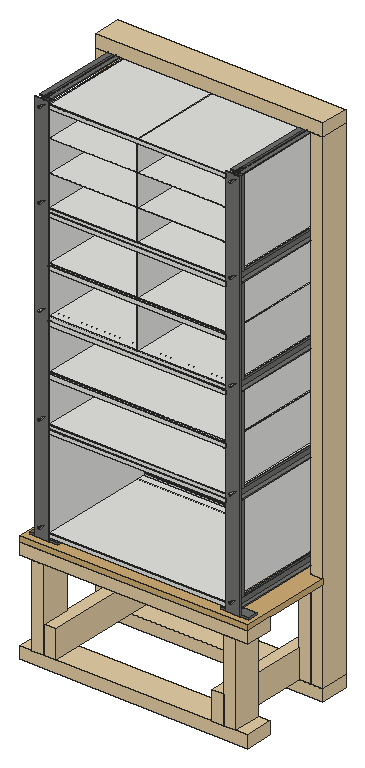
Revit family "Mailboxes_Aluminum-Data_Distribution_System-Salsbury_Industries-4_Unit_High_Wall_Installation", category Specialty Equipment, host Wall, Revit 2016 (continued)
Definition of nested family "Data Distribution Mailbox Units"
  Types (5): name | Void 2 Offset | Void 1 Offset | Visible | Top Inner Divider | Rear Overhang | Model | Horizontal Dividers 1 and 3 | Horizontal Dividers | Door Location D8 | Door Location D7 | Door Location D6 | Door Location D5 | Door Location D4 | Door Location D3 | Door Location D2 | Door Location D1 | Divider 3 | Description
    None | 0.000" | 0.000" | no | no | no | "No Unit" | no | no | Data Distribution #1,2,3 Doors : #3 Door | Data Distribution #1,2,3 Doors : None | Data Distribution #1,2,3 Doors : #3 Door | Data Distribution #1,2,3 Doors : None | Data Distribution #1,2,3 Doors : None | Data Distribution #1,2,3 Doors : None | Data Distribution #1,2,3 Doors : None | Data Distribution #1,2,3 Doors : None | no | "Data Distribution System"
    2401 | 6.200" | 6.200" | yes | yes | yes | "2401" | no | no | Data Distribution #1,2,3 Doors : None | Data Distribution #1,2,3 Doors : None | Data Distribution #4 Door : #4 Door | Data Distribution #1,2,3 Doors : None | Data Distribution #1,2,3 Doors : None | Data Distribution #1,2,3 Doors : None | Data Distribution #1,2,3 Doors : None | Data Distribution #1,2,3 Doors : None | no | "Data Distribution System - (1) #4 Door"
    2406 | 6.200" | 6.200" | yes | no | yes | "2406" | yes | no | Data Distribution #1,2,3 Doors : None | Data Distribution #1,2,3 Doors : None | Data Distribution #1,2,3 Doors : #1 Door | Data Distribution #1,2,3 Doors : #1 Door | Data Distribution #1,2,3 Doors : #1 Door | Data Distribution #1,2,3 Doors : #1 Door | Data Distribution #1,2,3 Doors : #1 Door | Data Distribution #1,2,3 Doors : #1 Door | yes | "Data Distribution System - (6) #1 Doors"
  Reference planes (in)
    plane 1 "Center (Front/Back)": y = 0
    plane 2 "Bottom": z = 0
    plane 3 "Center (Left/Right)": x = 0
    plane 4 "Left": x = -11.625
    plane 5 "Right": x = 11.625
    plane 6 "Front": y = -7.75
    plane 7 "Back": y = 7.75
    plane 8 "Vertical Center": z = 6.094
    plane 9 "Top": z = 12.188
    plane 10: y = -7.625
    plane 11 "Door Align-Back of Door": y = -7.09375
    plane 12 "Back Edge of Top Trim": y = -6.21875
    plane 13 "Front Edge of Side Panels": y = -6.8125
    plane 14 "Back Edge of Side Panels": y = 7.625
    plane 15: y = -7.563
    plane 16: y = -7.063
    plane 17 "Back Edge of Bottom Trim": y = -6.1255
    plane 18: z = 0.125
    plane 19: z = 0.0625
    plane 20 "Bottom Trim Height": z = 0.25
    plane 21 "Top Trim Height": z = 11.8755
    plane 22: z = 12.03175
    plane 23: z = 12.063
    plane 24 "Right Side Trim Alignment-Top and Bottom Trim": x = 11.25
    plane 25 "Inner Right Side of Trim": x = 11.09375
    plane 26 "Right Wall of Enclsosure": x = 11.0625
    plane 27: y = -7.5
    plane 28: y = -7.375
    plane 29 "Back Edge of Side Trim": y = -6.3125
    plane 30 "Left Side Trim Alignment-Top and Bottom Trim": x = -11.25
    plane 31 "Trop Trim Extrusion Line": y = -7.53125
    plane 32 "Left Wall of Enclosure": x = -11.0935
    plane 33 "Top Inner Trim": z = 11.7505
    plane 34: z = -0.249
    plane 35: z = 0
    plane 36: x = -11.59375
    plane 37: x = 11.625
    plane 38 "Door Divider 3": x = 0.0005
    plane 39 "Void 1": z = 6.063
    plane 40 "Void 2 Offset": y = 13.825
    plane 41 "Bottom Compartment Section-Top Plate": z = 5.907
    plane 42 "Door Divider Offset Align": x = 11.09375
    plane 43 "Void 1 Offset": z = -0.137
    plane 44 "Void 2": y = 7.625
    plane 45 "Row 2 Divider": z = 6.188
    plane 46 "Vertical Center of Back Enclosure": z = 6.063
    plane 47 "Door Align - Row 3": z = 0.5
    plane 48 "Door Align - Row 2a": z = 6.438
    plane 49 "Vertical Door Align 6": x = 11.0625
    plane 50 "OffSet Divider Line": x = -11.0935
    plane 51 "Back of Doors": y = -7.2495
    plane 52 "Row 3 Divider": z = 4.188
    plane 53 "Door Align - Row 2": z = 4.438
    plane 54 "Row 1 Divider": z = 8.126
    plane 55 "Door Align - Row 1": z = 8.376
    plane 56: z = 11.84425
    plane 57: x = -0.03125
    plane 58: y = 7.5625
    plane 59: y = 6.6875
    plane 60: y = 6.625
    plane 61: z = 0.1875
    plane 62: z = 0.0625
    plane 63: z = 11.84425
    plane 64: z = 11.81325
    plane 65: z = 11.41742
    plane 66: z = 11.38642
    plane 67: y = 7.656
    plane 68: y = 7.719
    plane 69: y = 7.594
    plane 70: x = 11.406
    plane 71: x = -11.3745
    plane 72: z = 11.6255
    plane 73: x = -11.06225
    plane 74: z = 7.876
    plane 75: z = 5.68825
    plane 76: z = 5.93825
    plane 77: z = 6.12525
    plane 78: z = 3.938
    plane 79: y = 7.719
    plane 80: y = 7.656
    plane 81: z = 5.876
    plane 82: z = 5.469
    plane 83: z = 5.438
    plane 84: z = 11.84425
    plane 85: z = 0.28125
    plane 86: x = 0.031
    plane 87: z = 8.095
    plane 88: z = 4.157
    plane 89: z = 5.907
    plane 90: z = 6.219
    plane 91: z = 5.938
    plane 92: y = 6.625
    plane 93: x = 11.03125
  Forms (in)
    Extrusion 1, solid, material <- "Trim Material", visible <- "Visible"
      sketch origin (0, 0, 0) x (0, 1, 0) y (0, 0, 1)
        loop
          line (-7.75, 11.8755) -> (-6.21875, 11.8755) -> (-6.21875, 12.03175) -> (-7.09375, 12.03175) -> (-7.09375, 12.063) -> (-7.625, 12.063) -> (-7.625, 12.188) -> (-7.75, 12.188) -> (-7.75, 11.8755)
      from -11.25 to 11.25
    Extrusion 2, solid, material <- "Trim Material", visible <- "Visible"
      sketch origin (0, 0, 0) x (0, 1, 0) y (0, 0, 1)
        loop
          line (-6.1255, 0.25) -> (-7.75, 0.25) -> (-7.75, 0.125) -> (-7.563, 0.125) -> (-7.563, 0) -> (-7.063, 0) -> (-7.063, 0.0625) -> (-6.1255, 0.0625) -> (-6.1255, 0.25)
      from -11.625 to 11.625
    Extrusion 3, solid, material <- "Trim Material", visible <- "Visible"
      sketch origin (0, 0, 6.094) x (0, -1, 0) y (1, 0, 0)
        loop
          line (7.5, 11.625) -> (7.375, 11.625) -> (7.375, 11.25) -> (6.3125, 11.25) -> (6.3125, 11.09375) -> (7.75, 11.09375) -> (7.75, 11.25) -> (7.5, 11.25) -> (7.5, 11.625)
      from -5.844 to 5.7815
    Extrusion 4, void
      sketch origin (0, 0, 0) x (1, 0, 0) y (0, 1, 0)
        loop
          line (11.625, -7.75) -> (11.625, -7.5) -> (11.25, -7.5) -> (11.25, -7.75) -> (11.625, -7.75)
      from 0 to 0.25
    Extrusion 5, solid, material <- "Trim Material", visible <- "Visible"
      sketch origin (0, 0, 6.094) x (0, -1, 0) y (1, 0, 0)
        loop
          line (7.5, -11.625) -> (7.5, -11.25) -> (7.75, -11.25) -> (7.75, -11.0935) -> (6.3125, -11.0935) -> (6.3125, -11.25) -> (7.375, -11.25) -> (7.375, -11.625) -> (7.5, -11.625)
      from -5.844 to 5.7815
    Extrusion 6, void
      sketch origin (0, 0, 0) x (-1, 0, 0) y (0, -1, 0)
        loop
          line (11.625, 7.75) -> (11.25, 7.75) -> (11.25, 7.5) -> (11.625, 7.5) -> (11.625, 7.75)
      from 0 to 0.25
    Extrusion 7, void
      sketch origin (0, 0, 0) x (0, 1, 0) y (0, 0, 1)
        loop
          line (-7.75, 11.8755) -> (-7.53125, 11.8755) -> (-7.53125, 12.03175) -> (-7.75, 12.03175) -> (-7.75, 11.8755)
      from -11.0935 to 11.09375
    Sweep 8, solid, material <- "Back Enclosure Material", visible <- "Visible"
      path origin (0, 0, 0) x (1, 0, 0) y (0, 0, 1)
        loop
          line (-11.0935, 11.8755) -> (-11.0935, 0.25) -> (11.0625, 0.25) -> (11.0625, 11.8755) -> (-11.0935, 11.8755)
      profile origin (-0.0155, 0, 11.8755) x (0, 0, 1) y (0, -1, 0)
        loop
          line (0, 7.09375) -> (-0.03125, 7.09375) -> (-0.03125, -7.625) -> (0, -7.625) -> (0, 7.09375)
    Extrusion 9, solid, material <- "Back Enclosure Material", visible <- "Rear Overhang"
      sketch origin (0, 0, 0) x (0, 1, 0) y (0, 0, 1)
        loop
          line (7.625, 11.8755) -> (7.625, 11.84425) -> (7.719, 11.84425) -> (7.719, 11.41742) -> (7.656, 11.41742) -> (7.656, 11.81325) -> (7.625, 11.81325) -> (7.625, 11.38642) -> (7.75, 11.38642) -> (7.75, 11.8755) -> (7.625, 11.8755)
      from -11.0935 to 11.03125
    Extrusion 10, solid, material <- "Back Enclosure Material", visible <- "Visible"
      sketch origin (0, 0, 0) x (0, 1, 0) y (0, 0, 1)
        loop
          line (7.625, 0.25) -> (6.625, 0.25) -> (6.625, 0.0625) -> (6.6875, 0.0625) -> (6.6875, 0.1875) -> (7.5625, 0.1875) -> (7.5625, -0.249) -> (7.625, -0.249) -> (7.625, 0.25)
      from -11.59375 to 11.625
    Extrusion 11, void
      sketch origin (0, 0, -0.137) x (0, -1, 0) y (1, 0, 0)
        loop
          line (-7.625, -11.0935) -> (7.563, -11.0935) -> (7.563, 11.09375) -> (-7.625, 11.09375) -> (-7.625, -11.0935)
      from -0.125 to 0.125
    Extrusion 12, void
      sketch origin (0, 13.825, 0) x (0, 0, -1) y (1, 0, 0)
        loop
          line (-6.438, 11.406) -> (-6.438, 11.0625) -> (-5.907, 11.0625) -> (-5.907, 11.406) -> (-6.438, 11.406)
        loop
          line (-6.438, -11.0935) -> (-6.438, -11.375) -> (-5.907, -11.375) -> (-5.907, -11.0935) -> (-6.438, -11.0935)
      from 0 to 0.031
    Extrusion 13, solid, material <- "Back Enclosure Material", visible <- "Horizontal Dividers"
      sketch origin (0, 0, -5.8595) x (0, 1, 0) y (0, 0, 1)
        loop
          line (7.625, 11.79775) -> (7.625, 12.0475) -> (7.594, 12.0475) -> (7.594, 11.7665) -> (7.719, 11.7665) -> (7.719, 11.3285) -> (7.656, 11.3285) -> (7.656, 11.7355) -> (7.625, 11.7355) -> (7.625, 11.2975) -> (7.75, 11.2975) -> (7.75, 11.79775) -> (7.625, 11.79775)
      from -11.0935 to 11.03125
    Extrusion 14, solid, material <- "Back Enclosure Material", visible <- "Horizontal Dividers"
      sketch origin (0, 0, 5.907) x (1, 0, 0) y (0, 1, 0)
        loop
          line (-11.06225, 7.625) -> (-11.06225, -7.09375) -> (11.09375, -7.09375) -> (11.09375, 7.625) -> (-11.06225, 7.625)
      from 0 to 0.031
    Extrusion 15, solid, material <- "Back Enclosure Material", visible <- "Horizontal Dividers"
      sketch origin (0, 0, 6.219) x (1, 0, 0) y (0, 1, 0)
        loop
          line (-11.06225, 7.625) -> (-11.06225, -7.09375) -> (11.03125, -7.09375) -> (11.03125, 7.625) -> (-11.06225, 7.625)
      from 0 to -0.031
    Extrusion 16, solid, material <- "Trim Material", visible <- "Horizontal Dividers"
      sketch origin (0, 0, 0) x (0, 1, 0) y (0, 0, 1)
        loop
          line (-6.3125, 5.93825) -> (-6.3125, 6.188) -> (-7.75, 6.188) -> (-7.75, 6.12525) -> (-7.53125, 6.12525) -> (-7.53125, 5.93825) -> (-6.3125, 5.93825)
      from -11.0935 to 11.09375
    Extrusion 17, solid, material <- "Back Enclosure Material", visible <- "Divider 3"
      sketch origin (0.0005, 0, 0) x (0, 0, -1) y (0, -1, 0)
        loop
          line (-11.84425, 7.09375) -> (-11.84425, -7.625) -> (-0.28125, -7.625) -> (-0.28125, 7.09375) -> (-11.84425, 7.09375)
      from 0.03175 to -0.0305
    Extrusion 18, solid, material <- "Back Enclosure Material", visible <- "Visible"
      sketch origin (11.09375, 0, 0) x (0, -1, 0) y (0, 0, 1)
        loop
          line (-7.594, 11.8755) -> (-7.625, 11.8755) -> (-7.625, 0.25) -> (-7.594, 0.25) -> (-7.594, 11.8755)
      from -0.31225 to 0.03125
    Extrusion 19, solid, visible <- "Visible"
      sketch origin (-11.0935, 0, 0) x (0, 0, -1) y (0, -1, 0)
        loop
          line (-11.8755, -7.594) -> (-11.8755, -7.625) -> (-0.25, -7.625) -> (-0.25, -7.594) -> (-11.8755, -7.594)
      from 0.281 to 0
    Extrusion 20, solid, material <- "Front Panel Material", visible <- "Visible"
      sketch origin (0, 0, 0.25) x (0, -1, 0) y (1, 0, 0)
        loop
          line (7.09375, -11.0935) -> (7.75, -11.0935) -> (7.75, 11.09375) -> (7.09375, 11.09375) -> (7.09375, -11.0935)
      from 0 to 0.25
    Extrusion 21, solid, material <- "Front Panel Material", visible <- "Horizontal Dividers"
      sketch origin (0, 0, 6.188) x (0, -1, 0) y (1, 0, 0)
        loop
          line (7.09375, -11.0935) -> (7.75, -11.0935) -> (7.75, 11.09375) -> (7.09375, 11.09375) -> (7.09375, -11.0935)
      from 0 to 0.25
    Extrusion 22, solid, material <- "Front Panel Material", visible <- "Visible"
      sketch origin (0, -7.09375, 0.03125) x (0, 0, -1) y (1, 0, 0)
        loop
          line (-11.84425, -11.06225) -> (-11.59425, -11.06225) -> (-11.59425, 11.0625) -> (-11.84425, 11.0625) -> (-11.84425, -11.06225)
      from 0 to 0.15575
    Extrusion 23, solid, material <- "Front Panel Material", visible <- "Horizontal Dividers"
      sketch origin (0, -7.09375, -5.906) x (0, 0, -1) y (1, 0, 0)
        loop
          line (-11.84425, -11.06225) -> (-11.59425, -11.06225) -> (-11.59425, 11.0625) -> (-11.84425, 11.0625) -> (-11.84425, -11.06225)
      from 0 to 0.15575
    Extrusion 24, solid, material <- "Front Panel Material", visible <- "Top Inner Divider"
      sketch origin (0, 0, 11.7505) x (1, 0, 0) y (0, 1, 0)
        loop
          line (-11.0935, -7.09375) -> (-11.0935, -7.75) -> (11.09375, -7.75) -> (11.09375, -7.09375) -> (-11.0935, -7.09375)
      from 0.28125 to 0.125
    Extrusion 25, solid, material <- "Front Panel Material", visible <- "Horizontal Dividers 1 and 3"
      sketch origin (0, 0, 4.188) x (0, -1, 0) y (1, 0, 0)
        loop
          line (7.09375, -11.0935) -> (7.75, -11.0935) -> (7.75, 11.09375) -> (7.09375, 11.09375) -> (7.09375, -11.0935)
      from 0.25 to 0
    Extrusion 26, solid, material <- "Front Panel Material", visible <- "Horizontal Dividers 1 and 3"
      sketch origin (0, -7.09375, -7.65625) x (0, 0, -1) y (1, 0, 0)
        loop
          line (-11.84425, -11.06225) -> (-11.59425, -11.06225) -> (-11.59425, 11.0625) -> (-11.84425, 11.0625) -> (-11.84425, -11.06225)
      from 0 to 0.15575
    Extrusion 27, solid, material <- "Front Panel Material", visible <- "Horizontal Dividers 1 and 3"
      sketch origin (0, -7.09375, -3.71825) x (0, 0, -1) y (1, 0, 0)
        loop
          line (-11.84425, -11.06225) -> (-11.59425, -11.06225) -> (-11.59425, 11.0625) -> (-11.84425, 11.0625) -> (-11.84425, -11.06225)
      from 0 to 0.15575
    Extrusion 28, solid, material <- "Front Panel Material", visible <- "Horizontal Dividers 1 and 3"
      sketch origin (0, 0, 8.126) x (0, -1, 0) y (1, 0, 0)
        loop
          line (7.09375, -11.0935) -> (7.75, -11.0935) -> (7.75, 11.09375) -> (7.09375, 11.09375) -> (7.09375, -11.0935)
      from 0.25 to 0
    Extrusion 29, solid, material <- "Back Enclosure Material", visible <- "Horizontal Dividers 1 and 3"
      sketch origin (0, 0, 8.126) x (0, -1, 0) y (1, 0, 0)
        loop
          line (-7.625, -11.06225) -> (7.09375, -11.06225) -> (7.09375, 11.03125) -> (-7.625, 11.03125) -> (-7.625, -11.06225)
      from 0 to -0.031
    Extrusion 30, solid, material <- "Back Enclosure Material", visible <- "Horizontal Dividers 1 and 3"
      sketch origin (0, 0, 4.188) x (0, -1, 0) y (1, 0, 0)
        loop
          line (-7.625, -11.06225) -> (7.09375, -11.06225) -> (7.09375, 11.03125) -> (-7.625, 11.03125) -> (-7.625, -11.06225)
      from 0 to -0.031
  Cuts and joins
    Extrusion 4, Extrusion 7 cuts Extrusion 1
    Extrusion 4, Extrusion 6 cuts Extrusion 2
    Extrusion 4, Extrusion 7 cuts Extrusion 3
    Extrusion 11, Extrusion 12 cuts Sweep 8
    Extrusion 11 cuts Extrusion 17
    Extrusion 12 cuts Extrusion 18
    Extrusion 12 cuts Extrusion 19
  Lines and regions (in)
    symbolic lines
      curve 1: line (-11.25, -7.2495, 12.188) -> (11.25, -7.2495, 12.188)
      curve 2: line (-11.25, -7.2495, 11.8755) -> (-11.25, -7.2495, 12.188)
      curve 3: line (11.25, -7.2495, 11.8755) -> (-11.25, -7.2495, 11.8755)
      curve 4: line (11.25, -7.2495, 12.188) -> (11.25, -7.2495, 11.8755)
      curve 5: line (-11.625, -7.2495, 11.8755) -> (-11.25, -7.2495, 11.8755)
      curve 6: line (-11.625, -7.2495, 0) -> (-11.625, -7.2495, 11.8755)
      curve 7: line (-11.0935, -7.2495, 0) -> (-11.625, -7.2495, 0)
      curve 8: line (-11.0935, -7.2495, 11.8755) -> (-11.0935, -7.2495, 0)
      curve 9: line (11.25, -7.2495, 11.8755) -> (11.625, -7.2495, 11.8755)
      curve 10: line (11.09375, -7.2495, 0.25) -> (11.09375, -7.2495, 11.8755)
      curve 11: line (11.625, -7.2495, 0.25) -> (11.09375, -7.2495, 0.25)
      curve 12: line (11.625, -7.2495, 11.8755) -> (11.625, -7.2495, 0.25)
      curve 13: line (-11.0935, -7.2495, 0.25) -> (11.09375, -7.2495, 0.25)
      curve 14: line (-11.625, -7.2495, 0) -> (-11.625, -7.2495, 0.25)
      curve 15: line (11.625, -7.2495, 0) -> (-11.625, -7.2495, 0)
      curve 16: line (11.625, -7.2495, 0.25) -> (11.625, -7.2495, 0)
      curve 17: line (-11.0935, 7.75, 0.25) -> (11.09375, 7.75, 0.25)
      curve 18: line (-11.0935, -6.21875, 0.25) -> (-11.0935, 7.75, 0.25)
      curve 19: line (11.09375, 7.75, 0.25) -> (11.09375, -6.21875, 0.25)
      curve 20: line (-11.25, -6.21875, 0.25) -> (11.25, -6.21875, 0.25)
      curve 21: line (-11.25, -7.75, 0.25) -> (-11.25, -6.21875, 0.25)
      curve 22: line (11.25, -7.75, 0.25) -> (-11.25, -7.75, 0.25)
      curve 23: line (11.25, -6.21875, 0.25) -> (11.25, -7.75, 0.25)
      curve 24: line (11.09375, 7.625, 0.25) -> (11.625, 7.625, 0.25)
      curve 25: line (11.625, 6.625, 0.25) -> (11.09375, 6.625, 0.25)
      curve 26: line (11.625, 7.625, 0.25) -> (11.625, 6.625, 0.25)
      curve 27: line (-11.59375, 7.625, 0.25) -> (-11.0935, 7.625, 0.25)
      curve 28: line (-11.59375, 6.625, 0.25) -> (-11.59375, 7.625, 0.25)
      curve 29: line (-11.0935, 6.625, 0.25) -> (-11.59375, 6.625, 0.25)
      curve 30: line (11.09375, -6.1255, 0.25) -> (11.625, -6.1255, 0.25)
      curve 31: line (11.625, -7.5, 0.25) -> (11.25, -7.5, 0.25)
      curve 32: line (11.625, -6.1255, 0.25) -> (11.625, -7.5, 0.25)
      curve 33: line (-11.625, -6.1255, 0.25) -> (-11.0935, -6.1255, 0.25)
      curve 34: line (-11.625, -7.5, 0.25) -> (-11.625, -6.1255, 0.25)
      curve 35: line (-11.25, -7.5, 0.25) -> (-11.625, -7.5, 0.25)
      curve 36: line (0.0005, -6.21875, 11.8755) -> (0.0005, 7.625, 11.8755)
      curve 37: line (0.0005, -6.21875, 0.25) -> (0.0005, -6.21875, 11.8755)
      curve 38: line (0.0005, 7.625, 0.25) -> (0.0005, -6.21875, 0.25)
      curve 39: line (0.0005, 7.625, 11.8755) -> (0.0005, 7.625, 0.25)
      curve 40: line (0.0005, -7.75, 12.188) -> (0.0005, -7.75, 0.125)
      curve 41: line (0.0005, -7.75, 12.188) -> (0.0005, -7.625, 12.188)
      curve 42: line (0.0005, -7.625, 12.188) -> (0.0005, -7.625, 12.063)
      curve 43: line (0.0005, -7.625, 12.063) -> (0.0005, -7.09375, 12.063)
      curve 44: line (0.0005, -7.09375, 12.063) -> (0.0005, -7.09375, 12.03175)
      curve 45: line (0.0005, -7.09375, 12.03175) -> (0.0005, -6.21875, 12.03175)
      curve 46: line (0.0005, -6.21875, 12.03175) -> (0.0005, -6.21875, 11.8755)
      curve 47: line (0.0005, -7.75, 0.125) -> (0.0005, -7.563, 0.125)
      curve 48: line (0.0005, -7.563, 0.125) -> (0.0005, -7.563, 0)
      curve 49: line (0.0005, -7.563, 0) -> (0.0005, -7.063, 0)
      curve 50: line (0.0005, -7.063, 0) -> (0.0005, -7.063, 0.0625)
      curve 51: line (0.0005, -7.063, 0.0625) -> (0.0005, -6.1255, 0.0625)
      curve 52: line (0.0005, -6.1255, 0.0625) -> (0.0005, -6.1255, 0.25)
  Dimensions and locks (in)
    plane 6 "Front" to plane 1 "Center (Front/Back)" to plane 7 "Back" = 7.750", 7.750"
    "Depth": plane 6 "Front" to plane 7 "Back"
    equal spacing: plane 4 "Left", plane 3 "Center (Left/Right)", plane 5 "Right"
    "Width": plane 4 "Left" to plane 5 "Right"
    equal spacing: plane 9 "Top", plane 8 "Vertical Center", plane 2 "Bottom"
    "Height": plane 9 "Top" to plane 2 "Bottom"
    plane 6 "Front" to plane 10 to plane 11 "Door Align-Back of Door" to plane 12 "Back Edge of Top Trim" = 0.125", 0.53125", 0.875"
    plane 14 "Back Edge of Side Panels" to plane 7 "Back" = 0.125"
    plane 6 "Front" to plane 13 "Front Edge of Side Panels" = 0.9375"
    plane 6 "Front" to plane 15 to plane 16 to plane 17 "Back Edge of Bottom Trim" = 0.187", 0.500", 0.9375"
    plane 18 to plane 2 "Bottom" = 0.125"
    plane 19 to plane 2 "Bottom" = 0.0625"
    plane 20 "Bottom Trim Height" to plane 2 "Bottom" = 0.250"
    plane 9 "Top" to plane 21 "Top Trim Height" = 0.3125"
    plane 22 to plane 9 "Top" = 0.15625"
    plane 23 to plane 9 "Top" = 0.125"
    plane 25 "Inner Right Side of Trim" to plane 24 "Right Side Trim Alignment-Top and Bottom Trim" to plane 5 "Right" = 0.15625", 0.375"
    plane 6 "Front" to plane 27 to plane 28 = 0.250", 0.125"
    plane 6 "Front" to plane 29 "Back Edge of Side Trim" = 1.4375"
    plane 4 "Left" to plane 30 "Left Side Trim Alignment-Top and Bottom Trim" = 0.375"
    Extrusion 3 to plane 5 "Right" = 0.375"
    plane 6 "Front" to plane 31 "Trop Trim Extrusion Line" = 0.21875"
    plane 33 "Top Inner Trim" to plane 21 "Top Trim Height" = 0.125"
    plane 34 to plane 35 to plane 20 "Bottom Trim Height" = 0.249", 0.250"
    plane 8 "Vertical Center" to plane 39 "Void 1" = 0.031"
    "Void 2 Offset": plane 14 "Back Edge of Side Panels" to plane 40 "Void 2 Offset"
    plane 32 "Left Wall of Enclosure" to plane 38 "Door Divider 3" = 11.094"
    plane 32 "Left Wall of Enclosure" to plane 26 "Right Wall of Enclsosure" = 22.156"
    "Void 1 Offset": plane 43 "Void 1 Offset" to plane 39 "Void 1"
    plane 45 "Row 2 Divider" to plane 8 "Vertical Center" = 0.094"
    plane 41 "Bottom Compartment Section-Top Plate" to plane 8 "Vertical Center" to plane 45 "Row 2 Divider" = 0.187", 0.094"
    plane 53 "Door Align - Row 2" to plane 52 "Row 3 Divider" = 0.250"
    plane 55 "Door Align - Row 1" to plane 54 "Row 1 Divider" to plane 87 = 0.250", 0.031"
    plane 56 to plane 21 "Top Trim Height" = 0.03125"
    plane 86 to plane 3 "Center (Left/Right)" to plane 57 = 0.031", 0.03125" locked
    plane 60 to plane 59 to plane 58 to plane 14 "Back Edge of Side Panels" = 0.0625", 0.875", 0.0625"
    plane 34 to plane 62 to plane 61 = 0.3115", 0.125"
    plane 66 to plane 65 to plane 64 to plane 63 to plane 21 "Top Trim Height" = 0.031", 0.39583", 0.031", 0.03125"
    plane 14 "Back Edge of Side Panels" to plane 67 to plane 68 to plane 7 "Back" = 0.031", 0.063", 0.031"
    plane 69 to plane 14 "Back Edge of Side Panels" = 0.031"
    plane 21 "Top Trim Height" to plane 72 = 0.250"
    plane 54 "Row 1 Divider" to plane 74 = 0.250"
    plane 46 "Vertical Center of Back Enclosure" to plane 76 to plane 75 = 0.12475", 0.250"
    plane 45 "Row 2 Divider" to plane 77 = 0.06275"
    plane 52 "Row 3 Divider" to plane 78 = 0.250"
    plane 44 "Void 2" to plane 80 to plane 79 to plane 7 "Back" = 0.031", 0.063", 0.031"
    plane 83 to plane 82 to plane 81 to plane 41 "Bottom Compartment Section-Top Plate" = 0.031", 0.407", 0.031"
    plane 84 to plane 21 "Top Trim Height" = 0.03125"
    plane 20 "Bottom Trim Height" to plane 85 = 0.03125"
    plane 76 to plane 41 "Bottom Compartment Section-Top Plate" = 0.03125"
    plane 90 to plane 45 "Row 2 Divider" = 0.031"
    plane 91 to plane 89 = 0.031"
    plane 92 to plane 7 "Back" = 1.125"
    plane 32 "Left Wall of Enclosure" to plane 73 = 0.03125"
    plane 93 to plane 26 "Right Wall of Enclsosure" = 0.03125"
    aligned and locked: plane 2 "Bottom" to level
    aligned and locked: Extrusion 16 to plane 25 "Inner Right Side of Trim"
    aligned and locked: plane 32 "Left Wall of Enclosure" to Extrusion 13
    aligned and locked: plane 32 "Left Wall of Enclosure" to Extrusion 9
    aligned and locked: nested 3 to plane 47 "Door Align - Row 3"
    aligned and locked: nested 2 to plane 47 "Door Align - Row 3"
    aligned and locked: nested 5 to plane 48 "Door Align - Row 2a"
    aligned and locked: nested 6 to plane 48 "Door Align - Row 2a"
    aligned and locked: nested 9 to plane 48 "Door Align - Row 2a"
    aligned and locked: Extrusion 5 to plane 50 "OffSet Divider Line"
    aligned and locked: Extrusion 10 to plane 19
    aligned and locked: plane 50 "OffSet Divider Line" to Extrusion 16
    aligned and locked: plane 51 "Back of Doors" to Extrusion 22
    aligned and locked: plane 51 "Back of Doors" to nested 3
    aligned and locked: nested 3 to plane 26 "Right Wall of Enclsosure"
    aligned and locked: nested 7 to plane 26 "Right Wall of Enclsosure"
    aligned and locked: plane 51 "Back of Doors" to nested 6
    aligned and locked: plane 51 "Back of Doors" to nested 2
    aligned and locked: plane 51 "Back of Doors" to nested 9
    aligned and locked: nested 8 to plane 53 "Door Align - Row 2"
    aligned and locked: nested 7 to plane 53 "Door Align - Row 2"
    aligned and locked: plane 51 "Back of Doors" to nested 8
    aligned and locked: plane 51 "Back of Doors" to nested 7
    aligned and locked: nested 4 to plane 26 "Right Wall of Enclsosure"
    aligned and locked: nested 4 to plane 55 "Door Align - Row 1"
    aligned and locked: nested 1 to plane 55 "Door Align - Row 1"
    aligned and locked: plane 51 "Back of Doors" to nested 4
    aligned and locked: plane 51 "Back of Doors" to nested 1
    aligned and locked: plane 26 "Right Wall of Enclsosure" to nested 9
    aligned and locked: plane 21 "Top Trim Height" to Sweep 8 sketch curve  (x2)
    aligned and locked: Sweep 8 sketch curve to plane 20 "Bottom Trim Height"
    aligned and locked: Sweep 8 sketch curve to plane 32 "Left Wall of Enclosure"
    aligned and locked: Sweep 8 sketch curve to plane 11 "Door Align-Back of Door"
    aligned and locked: plane 14 "Back Edge of Side Panels" to Sweep 8 sketch curve
    aligned and locked: plane 56 to Sweep 8 sketch curve
    aligned and locked: Extrusion 1 sketch curve to plane 21 "Top Trim Height"
    aligned and locked: plane 12 "Back Edge of Top Trim" to Extrusion 1 sketch curve
    aligned and locked: plane 22 to Extrusion 1 sketch curve
    aligned and locked: plane 11 "Door Align-Back of Door" to Extrusion 1 sketch curve
    aligned and locked: plane 23 to Extrusion 1 sketch curve
    aligned and locked: plane 10 to Extrusion 1 sketch curve
    aligned and locked: Extrusion 1 sketch curve to plane 9 "Top"
    aligned and locked: Extrusion 1 sketch curve to plane 6 "Front"
    aligned and locked: cut or joined group of Extrusion 1, Extrusion 4, Extrusion 7 to plane 24 "Right Side Trim Alignment-Top and Bottom Trim"
    aligned and locked: plane 30 "Left Side Trim Alignment-Top and Bottom Trim" to cut or joined group of Extrusion 1, Extrusion 4, Extrusion 7
    aligned and locked: Extrusion 3 sketch curve to plane 25 "Inner Right Side of Trim"
    aligned and locked: plane 6 "Front" to Extrusion 3 sketch curve
    aligned and locked: plane 24 "Right Side Trim Alignment-Top and Bottom Trim" to Extrusion 3 sketch curve  (x2)
    aligned and locked: Extrusion 3 sketch curve to plane 27
    aligned and locked: Extrusion 3 sketch curve to plane 5 "Right"
    aligned and locked: Extrusion 3 sketch curve to plane 28
    aligned and locked: plane 29 "Back Edge of Side Trim" to Extrusion 3 sketch curve
    aligned and locked: cut or joined group of Extrusion 3, Extrusion 4, Extrusion 7 to plane 21 "Top Trim Height"
    aligned and locked: plane 20 "Bottom Trim Height" to cut or joined group of Extrusion 3, Extrusion 4, Extrusion 7
    aligned and locked: Extrusion 5 sketch curve to plane 32 "Left Wall of Enclosure"
    aligned and locked: plane 29 "Back Edge of Side Trim" to Extrusion 5 sketch curve
    aligned and locked: plane 30 "Left Side Trim Alignment-Top and Bottom Trim" to Extrusion 5 sketch curve  (x2)
    aligned and locked: Extrusion 5 sketch curve to plane 28
    aligned and locked: Extrusion 5 sketch curve to plane 4 "Left"
    aligned and locked: plane 27 to Extrusion 5 sketch curve
    aligned and locked: Extrusion 5 sketch curve to plane 6 "Front"
    aligned and locked: plane 20 "Bottom Trim Height" to Extrusion 5
    aligned and locked: Extrusion 5 to plane 21 "Top Trim Height"
    aligned and locked: Extrusion 2 sketch curve to plane 20 "Bottom Trim Height"
    aligned and locked: Extrusion 2 sketch curve to plane 6 "Front"
    aligned and locked: plane 18 to Extrusion 2 sketch curve
    aligned and locked: Extrusion 2 sketch curve to plane 15
    aligned and locked: Extrusion 2 sketch curve to plane 2 "Bottom"
    aligned and locked: Extrusion 2 sketch curve to plane 16
    aligned and locked: Extrusion 2 sketch curve to plane 19
    aligned and locked: Extrusion 2 sketch curve to plane 17 "Back Edge of Bottom Trim"
    aligned and locked: plane 4 "Left" to cut or joined group of Extrusion 2, Extrusion 4, Extrusion 6
    aligned and locked: cut or joined group of Extrusion 2, Extrusion 4, Extrusion 6 to plane 5 "Right"
    aligned and locked: plane 57 to nested 1
    aligned and locked: plane 57 to nested 8
    aligned and locked: plane 58 to Extrusion 10 sketch curve
    aligned and locked: Extrusion 10 sketch curve to plane 34
    aligned and locked: plane 14 "Back Edge of Side Panels" to Extrusion 10 sketch curve
    aligned and locked: Extrusion 10 sketch curve to plane 20 "Bottom Trim Height"
    aligned and locked: plane 60 to Extrusion 10 sketch curve
    aligned and locked: plane 59 to Extrusion 10 sketch curve
    aligned and locked: plane 61 to Extrusion 10 sketch curve
    aligned and locked: plane 62 to Extrusion 10 sketch curve
    aligned and locked: Extrusion 10 to plane 5 "Right"
    aligned and locked: Extrusion 10 to plane 36
    aligned and locked: plane 66 to Extrusion 9 sketch curve
    aligned and locked: plane 65 to Extrusion 9 sketch curve
    aligned and locked: plane 64 to Extrusion 9 sketch curve
    aligned and locked: plane 63 to Extrusion 9 sketch curve
    aligned and locked: plane 67 to Extrusion 9 sketch curve
    aligned and locked: plane 14 "Back Edge of Side Panels" to Extrusion 9 sketch curve
    aligned and locked: plane 68 to Extrusion 9 sketch curve
    aligned and locked: plane 21 "Top Trim Height" to Extrusion 9 sketch curve
    aligned and locked: plane 7 "Back" to Extrusion 9 sketch curve
    aligned and locked: Extrusion 18 sketch curve to plane 20 "Bottom Trim Height"
    aligned and locked: plane 14 "Back Edge of Side Panels" to Extrusion 18 sketch curve
    aligned and locked: Extrusion 18 sketch curve to plane 69
    aligned and locked: plane 21 "Top Trim Height" to Extrusion 18 sketch curve
    aligned and locked: plane 70 to cut or joined group of Extrusion 12, Extrusion 18
    aligned and locked: plane 21 "Top Trim Height" to Extrusion 19 sketch curve
    aligned and locked: plane 14 "Back Edge of Side Panels" to Extrusion 19 sketch curve
    aligned and locked: Extrusion 19 sketch curve to plane 69
    aligned and locked: Extrusion 19 sketch curve to plane 20 "Bottom Trim Height"
    aligned and locked: cut or joined group of Extrusion 12, Extrusion 19 to plane 32 "Left Wall of Enclosure"
    aligned and locked: plane 71 to cut or joined group of Extrusion 12, Extrusion 19
    aligned and locked: Extrusion 24 sketch curve to plane 6 "Front"
    aligned and locked: plane 11 "Door Align-Back of Door" to Extrusion 24 sketch curve
    aligned and locked: Extrusion 24 sketch curve to plane 32 "Left Wall of Enclosure"
    aligned and locked: plane 25 "Inner Right Side of Trim" to Extrusion 24 sketch curve
    aligned and locked: plane 72 to Extrusion 22 sketch curve
    aligned and locked: Extrusion 22 to plane 11 "Door Align-Back of Door"
    aligned and locked: plane 11 "Door Align-Back of Door" to Extrusion 28 sketch curve
    aligned and locked: Extrusion 28 sketch curve to plane 32 "Left Wall of Enclosure"
    aligned and locked: Extrusion 28 sketch curve to plane 6 "Front"
    aligned and locked: plane 25 "Inner Right Side of Trim" to Extrusion 28 sketch curve
    aligned and locked: Extrusion 22 to plane 26 "Right Wall of Enclsosure"
    aligned and locked: plane 73 to Extrusion 22 sketch curve
    aligned and locked: plane 21 "Top Trim Height" to Extrusion 22 sketch curve
    aligned and locked: plane 26 "Right Wall of Enclsosure" to Extrusion 22 sketch curve
    aligned and locked: plane 73 to Extrusion 27 sketch curve
    aligned and locked: plane 54 "Row 1 Divider" to Extrusion 27 sketch curve
    aligned and locked: plane 26 "Right Wall of Enclsosure" to Extrusion 27 sketch curve
    aligned and locked: plane 74 to Extrusion 27 sketch curve
    aligned and locked: plane 51 "Back of Doors" to Extrusion 27
    aligned and locked: Extrusion 27 to plane 11 "Door Align-Back of Door"
    aligned and locked: plane 11 "Door Align-Back of Door" to Extrusion 21 sketch curve
    aligned and locked: Extrusion 21 sketch curve to plane 6 "Front"
    aligned and locked: Extrusion 21 sketch curve to plane 32 "Left Wall of Enclosure"
    aligned and locked: plane 25 "Inner Right Side of Trim" to Extrusion 21 sketch curve
    aligned and locked: Extrusion 21 to plane 48 "Door Align - Row 2a"
    aligned and locked: plane 45 "Row 2 Divider" to Extrusion 21
    aligned and locked: Extrusion 23 sketch curve to plane 76
    aligned and locked: Extrusion 23 sketch curve to plane 75
    aligned and locked: plane 26 "Right Wall of Enclsosure" to Extrusion 23 sketch curve
    aligned and locked: plane 73 to Extrusion 23 sketch curve
    aligned and locked: plane 76 to Extrusion 16 sketch curve
    aligned and locked: Extrusion 16 sketch curve to plane 29 "Back Edge of Side Trim"
    aligned and locked: Extrusion 16 sketch curve to plane 45 "Row 2 Divider"
    aligned and locked: plane 6 "Front" to Extrusion 16 sketch curve
    aligned and locked: plane 31 "Trop Trim Extrusion Line" to Extrusion 16 sketch curve
    aligned and locked: plane 77 to Extrusion 16 sketch curve
    aligned and locked: Extrusion 23 to plane 11 "Door Align-Back of Door"
    aligned and locked: plane 51 "Back of Doors" to Extrusion 23
    aligned and locked: plane 11 "Door Align-Back of Door" to Extrusion 25 sketch curve
    aligned and locked: Extrusion 25 sketch curve to plane 32 "Left Wall of Enclosure"
    aligned and locked: Extrusion 25 sketch curve to plane 6 "Front"
    aligned and locked: plane 25 "Inner Right Side of Trim" to Extrusion 25 sketch curve
    aligned and locked: Extrusion 25 to plane 53 "Door Align - Row 2"
    aligned and locked: plane 52 "Row 3 Divider" to Extrusion 25
    aligned and locked: plane 52 "Row 3 Divider" to Extrusion 26 sketch curve
    aligned and locked: plane 73 to Extrusion 26 sketch curve
    aligned and locked: plane 26 "Right Wall of Enclsosure" to Extrusion 26 sketch curve
    aligned and locked: plane 78 to Extrusion 26 sketch curve
    aligned and locked: Extrusion 26 to plane 11 "Door Align-Back of Door"
    aligned and locked: plane 51 "Back of Doors" to Extrusion 26
    aligned and locked: plane 11 "Door Align-Back of Door" to Extrusion 20 sketch curve
    aligned and locked: Extrusion 20 sketch curve to plane 6 "Front"
    aligned and locked: Extrusion 20 sketch curve to plane 32 "Left Wall of Enclosure"
    aligned and locked: plane 25 "Inner Right Side of Trim" to Extrusion 20 sketch curve
    aligned and locked: plane 20 "Bottom Trim Height" to Extrusion 20
    aligned and locked: Extrusion 20 to plane 47 "Door Align - Row 3"
    aligned and locked: Extrusion 13 sketch curve to plane 80
    aligned and locked: plane 79 to Extrusion 13 sketch curve
    aligned and locked: plane 7 "Back" to Extrusion 13 sketch curve
    aligned and locked: plane 69 to Extrusion 13 sketch curve
    aligned and locked: Extrusion 13 sketch curve to plane 14 "Back Edge of Side Panels"
    aligned and locked: plane 14 "Back Edge of Side Panels" to Extrusion 13 sketch curve
    aligned and locked: Extrusion 13 sketch curve to plane 45 "Row 2 Divider"
    aligned and locked: plane 76 to Extrusion 13 sketch curve
    aligned and locked: Extrusion 13 sketch curve to plane 41 "Bottom Compartment Section-Top Plate"
    aligned and locked: plane 81 to Extrusion 13 sketch curve
    aligned and locked: plane 82 to Extrusion 13 sketch curve
    aligned and locked: plane 83 to Extrusion 13 sketch curve
    aligned and locked: Extrusion 17 sketch curve to plane 84
    aligned and locked: plane 14 "Back Edge of Side Panels" to Extrusion 17 sketch curve
    aligned and locked: plane 85 to Extrusion 17 sketch curve
    aligned and locked: Extrusion 17 sketch curve to plane 11 "Door Align-Back of Door"
    aligned and locked: plane 57 to cut or joined group of Extrusion 11, Extrusion 17
    aligned and locked: cut or joined group of Extrusion 11, Extrusion 17 to plane 86
    aligned and locked: plane 14 "Back Edge of Side Panels" to Extrusion 29 sketch curve
    aligned and locked: plane 73 to Extrusion 29 sketch curve
    aligned and locked: Extrusion 29 sketch curve to plane 11 "Door Align-Back of Door"
    aligned and locked: Extrusion 29 to plane 54 "Row 1 Divider"
    aligned and locked: Extrusion 29 to plane 87
    aligned and locked: plane 73 to Extrusion 15 sketch curve
    aligned and locked: plane 14 "Back Edge of Side Panels" to Extrusion 15 sketch curve
    aligned and locked: Extrusion 15 sketch curve to plane 11 "Door Align-Back of Door"
    aligned and locked: plane 45 "Row 2 Divider" to Extrusion 15
    aligned and locked: Extrusion 15 to plane 90
    aligned and locked: plane 14 "Back Edge of Side Panels" to Extrusion 14 sketch curve
    aligned and locked: plane 73 to Extrusion 14 sketch curve
    aligned and locked: plane 25 "Inner Right Side of Trim" to Extrusion 14 sketch curve
    aligned and locked: Extrusion 14 sketch curve to plane 11 "Door Align-Back of Door"
    aligned and locked: Extrusion 14 to plane 91
    aligned and locked: Extrusion 14 to plane 89
    aligned and locked: Extrusion 30 sketch curve to plane 11 "Door Align-Back of Door"
    aligned and locked: plane 73 to Extrusion 30 sketch curve
    aligned and locked: plane 14 "Back Edge of Side Panels" to Extrusion 30 sketch curve
    aligned and locked: Extrusion 30 to plane 52 "Row 3 Divider"
    aligned and locked: Extrusion 30 to plane 88
    aligned and locked: nested 6 to plane 73
    aligned and locked: nested 2 to plane 73
    aligned and locked: plane 24 "Right Side Trim Alignment-Top and Bottom Trim" to curve 4
    aligned and locked: plane 9 "Top" to curve 1
    aligned and locked: curve 3 to plane 21 "Top Trim Height"
    aligned and locked: plane 32 "Left Wall of Enclosure" to curve 8
    aligned and locked: plane 2 "Bottom" to curve 7
    aligned and locked: curve 6 to plane 4 "Left"
    aligned and locked: plane 30 "Left Side Trim Alignment-Top and Bottom Trim" to curve 5
    aligned and locked: plane 21 "Top Trim Height" to curve 5
    aligned and locked: curve 11 to plane 20 "Bottom Trim Height"
    aligned and locked: curve 10 to plane 25 "Inner Right Side of Trim"
    aligned and locked: plane 5 "Right" to curve 12
    aligned and locked: plane 21 "Top Trim Height" to curve 10
    aligned and locked: plane 24 "Right Side Trim Alignment-Top and Bottom Trim" to curve 9
    aligned and locked: plane 2 "Bottom" to curve 15
    aligned and locked: plane 20 "Bottom Trim Height" to curve 13
    aligned and locked: plane 5 "Right" to curve 16
    aligned and locked: plane 32 "Left Wall of Enclosure" to curve 13
    aligned and locked: plane 7 "Back" to curve 17
    aligned and locked: curve 18 to plane 32 "Left Wall of Enclosure"
    aligned and locked: plane 25 "Inner Right Side of Trim" to curve 19
    aligned and locked: plane 12 "Back Edge of Top Trim" to curve 20
    aligned and locked: curve 21 to plane 30 "Left Side Trim Alignment-Top and Bottom Trim"
    aligned and locked: curve 22 to plane 6 "Front"
    aligned and locked: plane 24 "Right Side Trim Alignment-Top and Bottom Trim" to curve 23
    aligned and locked: plane 14 "Back Edge of Side Panels" to curve 24
    aligned and locked: plane 5 "Right" to curve 26
    aligned and locked: curve 25 to plane 92
    aligned and locked: plane 14 "Back Edge of Side Panels" to curve 27
    aligned and locked: curve 29 to plane 92
    aligned and locked: plane 36 to curve 28
    aligned and locked: plane 24 "Right Side Trim Alignment-Top and Bottom Trim" to curve 31
    aligned and locked: curve 31 to plane 27
    aligned and locked: plane 5 "Right" to curve 32
    aligned and locked: plane 17 "Back Edge of Bottom Trim" to curve 30
    aligned and locked: plane 30 "Left Side Trim Alignment-Top and Bottom Trim" to curve 35
    aligned and locked: plane 17 "Back Edge of Bottom Trim" to curve 33
    aligned and locked: curve 34 to plane 4 "Left"
    aligned and locked: curve 35 to plane 27
    aligned and locked: curve 38 to plane 20 "Bottom Trim Height"
    aligned and locked: plane 14 "Back Edge of Side Panels" to curve 39
    aligned and locked: plane 21 "Top Trim Height" to curve 36
    aligned and locked: curve 37 to plane 12 "Back Edge of Top Trim"
    aligned and locked: plane 6 "Front" to curve 40
    aligned and locked: curve 41 to cut or joined group of Extrusion 1, Extrusion 4, Extrusion 7
    aligned and locked: curve 42 to cut or joined group of Extrusion 1, Extrusion 4, Extrusion 7
    aligned and locked: curve 43 to cut or joined group of Extrusion 1, Extrusion 4, Extrusion 7
    aligned and locked: curve 44 to cut or joined group of Extrusion 1, Extrusion 4, Extrusion 7
    aligned and locked: curve 45 to cut or joined group of Extrusion 1, Extrusion 4, Extrusion 7
    aligned and locked: curve 46 to cut or joined group of Extrusion 1, Extrusion 4, Extrusion 7
    aligned and locked: curve 47 to cut or joined group of Extrusion 2, Extrusion 4, Extrusion 6
    aligned and locked: curve 48 to cut or joined group of Extrusion 2, Extrusion 4, Extrusion 6
    aligned and locked: curve 49 to cut or joined group of Extrusion 2, Extrusion 4, Extrusion 6
    aligned and locked: curve 50 to cut or joined group of Extrusion 2, Extrusion 4, Extrusion 6
    aligned and locked: curve 51 to cut or joined group of Extrusion 2, Extrusion 4, Extrusion 6
    aligned and locked: curve 52 to cut or joined group of Extrusion 2, Extrusion 4, Extrusion 6
    aligned and locked: plane 32 "Left Wall of Enclosure" to cut or joined group of Extrusion 1, Extrusion 4, Extrusion 7
    aligned and locked: plane 21 "Top Trim Height" to Extrusion 7
    aligned and locked: Extrusion 7 to plane 22
    aligned and locked: Extrusion 7 to plane 25 "Inner Right Side of Trim"
    aligned and locked: Extrusion 7 to plane 31 "Trop Trim Extrusion Line"
    aligned and locked: plane 6 "Front" to Extrusion 7
    aligned and locked: Extrusion 24 to plane 22
    aligned and locked: plane 21 "Top Trim Height" to Extrusion 24
    aligned and locked: plane 26 "Right Wall of Enclsosure" to Sweep 8 sketch curve
    aligned and locked: plane 26 "Right Wall of Enclsosure" to cut or joined group of Extrusion 12, Extrusion 18
    aligned and locked: plane 93 to Extrusion 30 sketch curve
    aligned and locked: plane 93 to Extrusion 15 sketch curve
    aligned and locked: plane 93 to Extrusion 29 sketch curve
    aligned and locked: Extrusion 9 to plane 93
    aligned and locked: Extrusion 13 to plane 93
  Automatic sketch dimensions
    plane 6 "Front" to Extrusion 4 sketch curve = 0.000"
    Extrusion 4 sketch curve to plane 24 "Right Side Trim Alignment-Top and Bottom Trim" = 0.000"
    Extrusion 4 sketch curve to plane 5 "Right" = 0.000"
    plane 27 to Extrusion 4 sketch curve = 0.000"
    plane 6 "Front" to Extrusion 6 sketch curve = 0.000"
    Extrusion 6 sketch curve to plane 30 "Left Side Trim Alignment-Top and Bottom Trim" = 0.000"
    Extrusion 6 sketch curve to plane 4 "Left" = 0.000"
    Extrusion 6 sketch curve to plane 27 = 0.000"
    plane 6 "Front" to Extrusion 7 sketch curve = 0.000"
    plane 22 to Extrusion 7 sketch curve = 0.000"
    Extrusion 7 sketch curve to plane 31 "Trop Trim Extrusion Line" = 0.000"
    plane 21 "Top Trim Height" to Extrusion 7 sketch curve = 0.000"
    Extrusion 9 sketch curve to plane 14 "Back Edge of Side Panels" = 0.000"
    plane 14 "Back Edge of Side Panels" to Extrusion 11 sketch curve = 0.000"
    plane 15 to Extrusion 11 sketch curve = 0.000"
    Extrusion 11 sketch curve to plane 32 "Left Wall of Enclosure" = 0.000"
    Extrusion 11 sketch curve to plane 25 "Inner Right Side of Trim" = 0.000"
    Extrusion 12 sketch curve to plane 48 "Door Align - Row 2a" = 0.000"  (x2)
    Extrusion 12 sketch curve to plane 41 "Bottom Compartment Section-Top Plate" = 0.000"  (x2)
    plane 32 "Left Wall of Enclosure" to Extrusion 12 sketch curve = 0.000"
    plane 25 "Inner Right Side of Trim" to Extrusion 12 sketch curve = 0.03125"
    plane 30 "Left Side Trim Alignment-Top and Bottom Trim" to Extrusion 12 sketch curve = 0.125"
    Extrusion 12 sketch curve to plane 24 "Right Side Trim Alignment-Top and Bottom Trim" = 0.156"
    curve 14 to plane 20 "Bottom Trim Height" = 0.000"
  Nested families (in)
    nested 1: "Data Distribution #1,2,3 Doors" at (-5.54675, -7.406, 8.376), visible <- "Visible", type <- "Door Location D1", type "#1 Door"
    nested 2: "Data Distribution #1,2,3 Doors" at (-5.54675, -7.406, 0.5), visible <- "Visible", type <- "Door Location D3", type "#1 Door"
    nested 3: "Data Distribution #1,2,3 Doors" at (5.547, -7.406, 0.5), visible <- "Visible", type <- "Door Location D6", type "#1 Door"
    nested 4: "Data Distribution #1,2,3 Doors" at (5.547, -7.406, 8.376), type <- "Door Location D2", visible <- "Visible", type "#1 Door"
    nested 5: "Data Distribution #1,2,3 Doors" at (-13.07, -7.406, 6.438), visible <- "Visible", type "None"
      with Lock Offset - Vertical 2.46429"
    nested 6: "Data Distribution #1,2,3 Doors" at (-5.54675, -7.406, 6.438), type <- "Door Location D7", visible <- "Visible", type "None"
      with Lock Offset - Vertical 2.46429"
    nested 7: "Data Distribution #1,2,3 Doors" at (5.547, -7.406, 4.438), type <- "Door Location D4", visible <- "Visible", type "#1 Door"
    nested 8: "Data Distribution #1,2,3 Doors" at (-5.54675, -7.406, 4.438), type <- "Door Location D5", visible <- "Visible", type "#1 Door"
    nested 9: "Data Distribution #1,2,3 Doors" at (5.547, -7.406, 6.438), type <- "Door Location D8", visible <- "Visible", type "None"
      with Lock Offset - Vertical 2.46429"
  Definition of nested family "Data Distribution #1,2,3 Doors"
    Parameters (values of type "#1 Door")
      Width = 11.031"
      Visible = yes
      Type Comments = "For Data DistributionMailboxes"
      Model = "#1 Door"
      Manufacturer = "Salsbury Industries"
      Mail Slot Width = 9.000"
      Mail Slot Offset - Vertical = 0.593"
      Mail Slot Offset - Horizontal = 0.329"
      Mail Slot Height [instance] = 0.751"
      Lock Offset - Vertical = 0.955"
      Lock Offset - Horizontal = 0.875"
      Lock Material = none
      Height = 3.500"
      Front Panel Material = none
      Depth = 0.313"
    Types (4): name | Width | Visible | Type Comments | Model | Mail Slot Width | Height
      #1 Door | 11.031" | yes | "For Data DistributionMailboxes" | "#1 Door" | 9.000" | 3.500"
      None | 11.031" | no | "For Data Distribution Mailboxes" | "No Door" | 9.000" | 3.500"
      #2 Door | 11.031" | yes | "For Data DistributionMailboxes" | "#1 Door" | 9.000" | 5.250"
      #3 Door | 22.125" | yes | "For Data DistributionMailboxes" | "#4 Door" | 19.500" | 5.250"
    Reference planes (in)
      plane 1 "Center (Front/Back)": y = 0
      plane 2 "Bottom of Door": z = 0
      plane 3 "Center (Left/Right)": x = 0
      plane 4 "Left Side of Door": x = -5.5155
      plane 5 "Right Side of Door": x = 5.5155
      plane 6 "Front of Door": y = -0.1565
      plane 7 "Back of Door": y = 0.1565
      plane 8 "Vertical Center": z = 1.75
      plane 9 "Top of Door": z = 3.5
      plane 10 "Mail Slot Right Edge": x = 5.1865
      plane 11 "Vertical Lock Center": x = -4.6405
      plane 12 "Front of Hinge": y = -0.344
      plane 13 "Door Face Inset Guide": y = -0.12525
      plane 14: z = 3.062
      plane 15: z = 2.031
      plane 16: z = 1.531
      plane 17: z = 0.5
      plane 18: z = 0
      plane 19: z = -1.031
      plane 20: z = -1.531
      plane 21: z = -2.562
      plane 22: z = -3.062
      plane 23: z = -4.093
      plane 24: z = -4.593
      plane 25: z = -5.624
      plane 26: z = -6.124
      plane 27: z = -7.155
      plane 28 "Mail Slot Top Edge": z = 2.907
      plane 29 "Mail Slot Bottom Edge": z = 2.156
      plane 30: x = -3.8135
      plane 31: x = 4.8105
      plane 32: x = -3.4375
      plane 33 "Lock Align - Vertical": z = 2.545
      plane 34: z = 2.545
    Forms (in)
      Extrusion 1, void
        sketch origin (0, -0.344, 5.9375) x (1, 0, 0) y (0, 0, 1)
          loop
            line (-5.5155, -3.9065) -> (5.5155, -3.9065) -> (5.5155, -2.8755) -> (-5.5155, -2.8755) -> (-5.5155, -3.9065)
          loop
            line (-5.5155, -5.4375) -> (5.5155, -5.4375) -> (5.5155, -4.4065) -> (-5.5155, -4.4065) -> (-5.5155, -5.4375)
          loop
            line (-5.5155, -6.9685) -> (5.5155, -6.9685) -> (5.5155, -5.9375) -> (-5.5155, -5.9375) -> (-5.5155, -6.9685)
          loop
            line (-5.5155, -8.4995) -> (5.5155, -8.4995) -> (5.5155, -7.4685) -> (-5.5155, -7.4685) -> (-5.5155, -8.4995)
          loop
            line (-5.5155, -10.0305) -> (5.5155, -10.0305) -> (5.5155, -8.9995) -> (-5.5155, -8.9995) -> (-5.5155, -10.0305)
          loop
            line (-5.5155, -11.5615) -> (5.5155, -11.5615) -> (5.5155, -10.5305) -> (-5.5155, -10.5305) -> (-5.5155, -11.5615)
          loop
            line (5.5155, -12.0615) -> (-5.5155, -12.0615) -> (-5.5155, -13.0925) -> (5.5155, -13.0925) -> (5.5155, -12.0615)
        from 0 to -0.21875
      Extrusion 2, solid, material <- "Front Panel Material", visible <- "Visible"
        sketch origin (5.5155, 0, 0) x (0, -1, 0) y (0, 0, 1)
          loop
            line (-0.1565, 0) -> (0.1565, 0) -> (0.1565, 3.5) -> (-0.1565, 3.5) -> (-0.1565, 0)
        from 11.031 to 0
      Extrusion 3, void
        sketch origin (0, -0.1565, 0) x (1, 0, 0) y (0, 0, 1)
          loop
            arc (4.8105, 2.156) -> (5.186, 2.5315) -> (4.8105, 2.907) r 0.3755
            line (4.8105, 2.907) -> (-3.4375, 2.907)
            arc (-3.4375, 2.907) -> (-3.813, 2.5315) -> (-3.4375, 2.156) r 0.3755
            line (-3.4375, 2.156) -> (4.8105, 2.156)
        from -0.313 to 0
      Blend 4, solid, material <- "Lock Material", visible <- "Visible"
        base sketch origin (-7.18587, -0.12525, -2.09513) x (0, 0, -1) y (1, 0, 0)
          loop
            circle (-4.6405, 2.54538) r 0.5
        top sketch origin (-7.18587, -0.12525, -2.09513) x (0, 0, -1) y (1, 0, 0)
          loop
            circle (-4.6405, 2.54537) r 0.485
        from 0 to 0.167
      Extrusion 5, void
        sketch origin (1.172, -0.29252, 0.91877) x (1, 0, 0) y (0, 0, 1)
          loop
            circle (-5.8125, 1.52223) r 0.325
        from 0 to -0.01562
      Extrusion 6, void
        sketch origin (1.17133, -0.29252, 0.97345) x (1, 0, 0) y (0, 0, 1)
          loop
            line (-5.84183, 1.65053) -> (-5.84183, 1.24505) -> (-5.78183, 1.24505) -> (-5.78183, 1.65053) -> (-5.84183, 1.65053)
        from 0 to -0.03906
      Extrusion 7, solid, material <- "Front Panel Material", visible <- "Visible"
        sketch origin (5.5155, 0, 0) x (0, -1, 0) y (0, 0, 1)
          loop
            arc (0.1565, 0) -> (0.34407, 0.25) -> (0.1565, 0.5) r 0.26039
            line (0.1565, 0.5) -> (0.1565, 0)
        from 0 to 11.031
    Cuts and joins
      Extrusion 1, Extrusion 3 cuts Extrusion 2
      Extrusion 5, Extrusion 6 cuts Blend 4
    Lines and regions (in)
      symbolic lines, visible <- "Visible"
        curve 1: line (-5.5155, -0.1565, 3.5) -> (5.5155, -0.1565, 3.5)
        curve 2: line (-5.5155, -0.1565, 0) -> (-5.5155, -0.1565, 3.5)
        curve 3: line (5.5155, -0.1565, 0) -> (-5.5155, -0.1565, 0)
        curve 4: line (5.5155, -0.1565, 3.5) -> (5.5155, -0.1565, 0)
        curve 5: circle (-4.6405, -0.1565, 2.545) r 0.48537 normal (0, -1, 0)
        curve 6: arc (-3.4375, -0.1565, 2.156) -> (-3.813, -0.1565, 2.5315) -> (-3.4375, -0.1565, 2.907) r 0.3755
        curve 7: arc (4.8105, -0.1565, 2.156) -> (5.186, -0.1565, 2.5315) -> (4.8105, -0.1565, 2.907) r 0.3755
        curve 8: line (4.8105, -0.1565, 2.907) -> (-3.4375, -0.1565, 2.907)
        curve 9: line (-3.4375, -0.1565, 2.156) -> (4.8105, -0.1565, 2.156)
    Dimensions and locks (in)
      equal spacing: plane 9 "Top of Door", plane 8 "Vertical Center", plane 2 "Bottom of Door"
      equal spacing: plane 4 "Left Side of Door", plane 3 "Center (Left/Right)", plane 5 "Right Side of Door"
      equal spacing: plane 6 "Front of Door", plane 1 "Center (Front/Back)", plane 7 "Back of Door"
      "Height": plane 9 "Top of Door" to plane 2 "Bottom of Door"
      "Width": plane 4 "Left Side of Door" to plane 5 "Right Side of Door"
      "Depth": plane 6 "Front of Door" to plane 7 "Back of Door"
      "Mail Slot Offset - Horizontal": plane 10 "Mail Slot Right Edge" to plane 5 "Right Side of Door"
      "Lock Offset - Horizontal": plane 4 "Left Side of Door" to plane 11 "Vertical Lock Center"
      plane 12 "Front of Hinge" to plane 6 "Front of Door" = 0.1875"
      plane 6 "Front of Door" to plane 13 "Door Face Inset Guide" = 0.03125"
      plane 9 "Top of Door" to plane 14 to plane 15 to plane 16 to plane 17 to plane 18 to plane 19 to plane 20 to plane 21 to plane 22 to plane 23 to plane 24 to plane 25 to plane 26 to plane 27 = 0.438" locked, 1.031" locked, 0.500" locked, 1.031" locked, 0.500" locked, 1.031" locked, 0.500" locked, 1.031" locked, 0.500" locked, 1.031" locked, 0.500" locked, 1.031" locked, 0.500" locked, 1.031" locked
      "Mail Slot Width": plane 30 to plane 10 "Mail Slot Right Edge"
      "Mail Slot Height": plane 28 "Mail Slot Top Edge" to plane 29 "Mail Slot Bottom Edge"
      plane 30 to plane 32 = 0.376"
      plane 31 to plane 10 "Mail Slot Right Edge" = 0.376"
      level to Extrusion 2 = 3.500"
      plane 28 "Mail Slot Top Edge" to plane 29 "Mail Slot Bottom Edge" = 0.751"
      "Mail Slot Offset - Vertical": plane 9 "Top of Door" to plane 28 "Mail Slot Top Edge"
      "Lock Offset - Vertical": plane 9 "Top of Door" to plane 33 "Lock Align - Vertical"
      aligned and locked: level to plane 2 "Bottom of Door"
      aligned and locked: plane 14 to Extrusion 1 sketch curve
      aligned and locked: Extrusion 1 sketch curve to plane 15
      aligned and locked: plane 16 to Extrusion 1 sketch curve
      aligned and locked: Extrusion 1 sketch curve to plane 17
      aligned and locked: plane 18 to Extrusion 1 sketch curve
      aligned and locked: Extrusion 1 sketch curve to plane 19
      aligned and locked: plane 20 to Extrusion 1 sketch curve
      aligned and locked: Extrusion 1 sketch curve to plane 21
      aligned and locked: plane 22 to Extrusion 1 sketch curve
      aligned and locked: Extrusion 1 sketch curve to plane 23
      aligned and locked: plane 24 to Extrusion 1 sketch curve
      aligned and locked: Extrusion 1 sketch curve to plane 25
      aligned and locked: Extrusion 3 sketch curve to plane 28 "Mail Slot Top Edge"
      aligned and locked: Extrusion 3 sketch curve to plane 29 "Mail Slot Bottom Edge"
      aligned and locked: plane 31 to Extrusion 3 sketch curve
      aligned and locked: plane 32 to Extrusion 3 sketch curve
      aligned and locked: plane 11 "Vertical Lock Center" to cut or joined group of Blend 4, Extrusion 5, Extrusion 6  (x2)
      aligned and locked: plane 4 "Left Side of Door" to Extrusion 1  (x5)
      aligned and locked: Extrusion 1 to plane 5 "Right Side of Door"  (x5)
      aligned and locked: plane 5 "Right Side of Door" to Extrusion 1 sketch curve
      aligned and locked: Extrusion 1 sketch curve to plane 26
      aligned and locked: Extrusion 1 sketch curve to plane 5 "Right Side of Door"
      aligned and locked: plane 27 to Extrusion 1 sketch curve
      aligned and locked: plane 4 "Left Side of Door" to Extrusion 1 sketch curve
      aligned and locked: plane 4 "Left Side of Door" to cut or joined group of Extrusion 1, Extrusion 2, Extrusion 3
      aligned and locked: plane 4 "Left Side of Door" to Extrusion 7
      aligned and locked: cut or joined group of Extrusion 1, Extrusion 2, Extrusion 3 to plane 9 "Top of Door"
      aligned and locked: plane 33 "Lock Align - Vertical" to plane 34
      aligned and locked: plane 2 "Bottom of Door" to curve 3
      aligned and locked: plane 9 "Top of Door" to curve 1
      aligned and locked: curve 2 to plane 4 "Left Side of Door"
      aligned and locked: cut or joined group of Extrusion 1, Extrusion 2, Extrusion 3 to plane 5 "Right Side of Door"
      aligned and locked: plane 29 "Mail Slot Bottom Edge" to cut or joined group of Extrusion 1, Extrusion 2, Extrusion 3
      aligned and locked: cut or joined group of Extrusion 1, Extrusion 2, Extrusion 3 to plane 28 "Mail Slot Top Edge"
      aligned and locked: plane 5 "Right Side of Door" to curve 4
    Automatic sketch dimensions
      Extrusion 5 sketch curve to Extrusion 5 sketch curve = 0.000"  (x2)
      plane 29 "Mail Slot Bottom Edge" to Extrusion 5 sketch curve = 0.040"
      Extrusion 5 sketch curve to plane 11 "Vertical Lock Center" = 0.000"
      Extrusion 5 sketch curve to Extrusion 5 sketch curve = 0.325"
      plane 11 "Vertical Lock Center" to Extrusion 6 sketch curve = 0.030"
      Extrusion 6 sketch curve to plane 11 "Vertical Lock Center" = 0.030"
      Extrusion 6 sketch curve to plane 29 "Mail Slot Bottom Edge" = 0.0625"
      Extrusion 6 sketch curve to Extrusion 6 sketch curve = 0.40549"
      plane 11 "Vertical Lock Center" to Blend 4 sketch curve = 0.000"  (x2)
      plane 28 "Mail Slot Top Edge" to Blend 4 sketch curve = 0.36163"  (x2)
      plane 4 "Left Side of Door" to Extrusion 1 sketch curve = 0.000"  (x6)
      plane 5 "Right Side of Door" to Extrusion 1 sketch curve = 0.000"  (x5)
      Extrusion 2 sketch curve to plane 7 "Back of Door" = 0.000"
      Extrusion 2 sketch curve to plane 6 "Front of Door" = 0.000"
      Extrusion 2 sketch curve to level = 0.000"
      Extrusion 2 sketch curve to plane 9 "Top of Door" = 0.000"
      Extrusion 7 sketch curve to plane 6 "Front of Door" = 0.000"
      Extrusion 7 sketch curve to level = 0.000"
      Extrusion 7 sketch curve to plane 13 "Door Face Inset Guide" = 0.04158"
      level to Extrusion 7 sketch curve = 0.250"
      plane 11 "Vertical Lock Center" to curve 5 = 0.000"
      curve 6 to plane 28 "Mail Slot Top Edge" = 0.000"
      curve 7 to plane 29 "Mail Slot Bottom Edge" = 0.000"
      curve 5 to plane 33 "Lock Align - Vertical" = 0.000"
      curve 8 to plane 30 = 0.376"
      plane 10 "Mail Slot Right Edge" to curve 8 = 0.376"
      radius of Blend 4 sketch curve = 0.500"
      radius of Blend 4 sketch curve = 0.485"
      radius of curve 5 = 0.48537"
Types (5): name | Starter and Add On Configuration (not applicable) | Starter Configuration (not applicable) | Rough Opening Width | Right RO Offset | Left RO Offset | End Column and Add On Configuration (not applicable) | Description
  (no name) | yes | yes | 25.375" | 1.500" | 1.500" | yes | "4 Unit High  Installation - Single Column"
  Starter Column-2400 Series Mailboxes-4 High | no | no | 25.375" | 0.000" | 1.500" | yes | "4 Unit High  Installation - Starter Column"
  Right Side - Add On Column-2400 Series Mailboxes-4 High | no | yes | 23.875" | 0.000" | 0.000" | no | "4 Unit High  Installation - Add On Column"
  Single Column Installation-2400 Series Mailboxes-4 High | yes | yes | 25.375" | 1.500" | 1.500" | yes | "4 Unit High  Installation - Single Column"
  Right Side - End Column-2400 Series Mailboxes-4 High | yes | yes | 23.875" | 1.500" | 0.000" | no | "4 Unit High  Installation - End Column"
